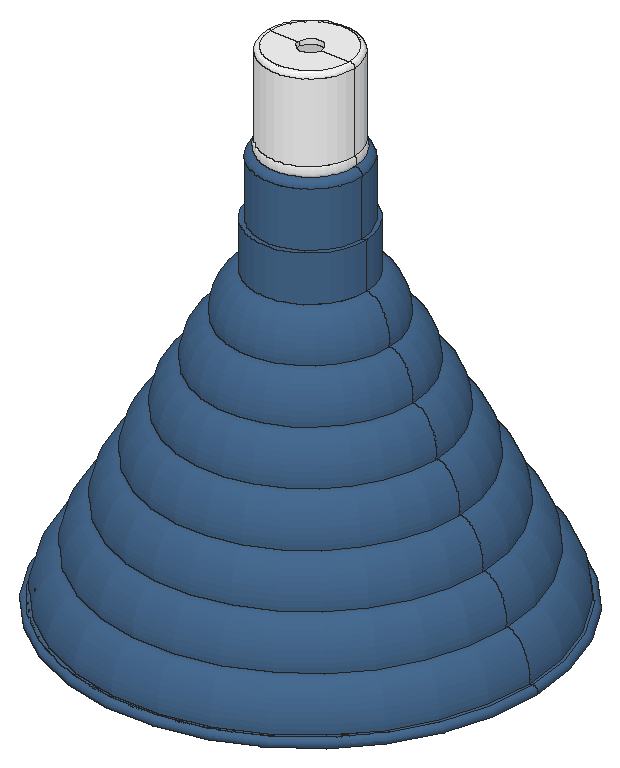
Revit family "FWB10 SHADE", category Lighting Fixtures, Revit 2024
Family settings
  Round Connector Dimension = Use Diameter
  Part Type = Normal
  OmniClass Number = 23.80.70.00
  OmniClass Title = Lighting
  Work Plane-Based = No
  Always vertical = Yes
  Cut with Voids When Loaded = No
  Light Source = Yes
  Maintain Annotation Orientation = No
  Shared = No
  Room Calculation Point = No
Parameters
  Wattage = 12.1178 W
  built-in parameter 1150110 = 1 (stored number, unit not read)
  built-in parameter 1114217 = 1 (stored number, unit not read)
  built-in parameter 1150109 = 1 (stored number, unit not read)
  built-in parameter 1150134 = (empty or 0)
  built-in parameter 1150113 = 1 (stored number, unit not read)
  Lumens = 1800 lm
  built-in parameter 1150115 = 1 (stored number, unit not read)
  built-in parameter 1150105 = 572.96 (stored number, unit not read)
  Light Source Symbol Size = 2' - 0"
  built-in parameter 1150137 = (empty or 0)
  built-in parameter 1150139 = (empty or 0)
  built-in parameter 1150112 = 1 (stored number, unit not read)
  built-in parameter 1150114 = 1 (stored number, unit not read)
  built-in parameter 1150132 = 2
  built-in parameter 1150102 = (empty or 0)
  built-in parameter 1150138 = (empty or 0)
  built-in parameter 1150107 = 3000 (stored number, unit not read)
  built-in parameter 1150106 = 5.7296 (stored number, unit not read)
  built-in parameter 1150104 = 13.8 (stored number, unit not read)
  Dimming Lamp Color Temperature Shift = (empty or 0)
  Default Elevation = 0' - 0"
  Color Filter = 16777215
  built-in parameter 1114218 = 1 (stored number, unit not read)
  built-in parameter 1150133 = 10 (stored number, unit not read)
Reference planes (in)
  plane 1 "Light Source Axis (F/B)": y = 0
  plane 2: z = 0
  plane 3 "Light Source Axis (L/R)": x = 0
  plane 4 "Light Source Elevation": z = 84
Forms (in)
  Revolve 1, solid
    sketch origin (0, 0, 0) x (1, 0, 0) y (0, 0, 1)
      loop
        line (-0.25, 94.98112) -> (-0.865, 94.98112)
        arc (-0.865, 94.98112) -> (-0.93571, 94.95183) -> (-0.965, 94.88112) r 0.1
        line (-0.965, 94.88112) -> (-0.965, 93.16877)
        spline (-0.965, 93.16877) -> (-0.97118, 93.16543) -> (-0.97695, 93.15562) -> (-0.98192, 93.14001) -> (-0.98576, 93.11963) -> (-0.98821, 93.09585) -> (-0.98911, 93.07026) -> (-0.9884, 93.04458) -> (-0.98612, 93.0205) -> (-0.98243, 92.99966) -> (-0.97757, 92.98344) -> (-0.97187, 92.97292) -> (-0.96572, 92.96882)
        arc (-0.96572, 92.96882) -> (-1.07745, 92.92844) -> (-1.125, 92.81957) r 0.15037
        line (-1.125, 92.81957) -> (-1.125, 91.61877) -> (-1.225, 91.61877) -> (-1.225, 90.62118)
        spline (-1.225, 90.62118) -> (-1.28547, 90.62267) -> (-1.35042, 90.60197) -> (-1.41726, 90.55991) -> (-1.48332, 90.49818) -> (-1.54596, 90.41923) -> (-1.60268, 90.32623) -> (-1.65121, 90.2229) -> (-1.68961, 90.11335) -> (-1.71634, 90.00197) -> (-1.73034, 89.89321) -> (-1.73105, 89.79142) -> (-1.71844, 89.70066)
        spline (-1.71844, 89.70066) -> (-1.77863, 89.70852) -> (-1.84423, 89.69303) -> (-1.91248, 89.65486) -> (-1.98052, 89.5956) -> (-2.0455, 89.51772) -> (-2.10469, 89.42451) -> (-2.15562, 89.31985) -> (-2.19616, 89.20815) -> (-2.22459, 89.09407) -> (-2.23974, 88.9824) -> (-2.24096, 88.87783) -> (-2.22821, 88.78473)
        spline (-2.22821, 88.78473) -> (-2.2884, 88.79259) -> (-2.354, 88.7771) -> (-2.42225, 88.73893) -> (-2.49029, 88.67966) -> (-2.55526, 88.60179) -> (-2.61446, 88.50857) -> (-2.66539, 88.40392) -> (-2.70592, 88.29221) -> (-2.73436, 88.17814) -> (-2.74951, 88.06647) -> (-2.75073, 87.9619) -> (-2.73798, 87.8688)
        spline (-2.73798, 87.8688) -> (-2.79817, 87.87665) -> (-2.86377, 87.86117) -> (-2.93202, 87.823) -> (-3.00005, 87.76373) -> (-3.06503, 87.68586) -> (-3.12423, 87.59264) -> (-3.17516, 87.48799) -> (-3.21569, 87.37628) -> (-3.24413, 87.26221) -> (-3.25928, 87.15054) -> (-3.2605, 87.04597) -> (-3.24775, 86.95286)
        spline (-3.24775, 86.95286) -> (-3.30794, 86.96072) -> (-3.37354, 86.94524) -> (-3.44179, 86.90706) -> (-3.50982, 86.8478) -> (-3.5748, 86.76993) -> (-3.634, 86.67671) -> (-3.68493, 86.57206) -> (-3.72546, 86.46035) -> (-3.7539, 86.34627) -> (-3.76904, 86.23461) -> (-3.77027, 86.13003) -> (-3.75752, 86.03693)
        spline (-3.75752, 86.03693) -> (-3.81771, 86.04479) -> (-3.88331, 86.02931) -> (-3.95155, 85.99113) -> (-4.01959, 85.93187) -> (-4.08457, 85.85399) -> (-4.14377, 85.76078) -> (-4.1947, 85.65612) -> (-4.23523, 85.54442) -> (-4.26367, 85.43034) -> (-4.27881, 85.31868) -> (-4.28004, 85.2141) -> (-4.26728, 85.121)
        spline (-4.26728, 85.121) -> (-4.32748, 85.12886) -> (-4.39308, 85.11337) -> (-4.46132, 85.0752) -> (-4.52936, 85.01594) -> (-4.59434, 84.93806) -> (-4.65354, 84.84485) -> (-4.70447, 84.74019) -> (-4.745, 84.62849) -> (-4.77344, 84.51441) -> (-4.78858, 84.40274) -> (-4.78981, 84.29817) -> (-4.77705, 84.20507)
        line (-4.77705, 84.20507) -> (-4.84714, 84.20507)
        arc (-4.84714, 84.20507) -> (-4.94967, 84.10253) -> (-4.84714, 84) r 0.10253
        line (-4.84714, 84) -> (-4.67631, 84) -> (-4.68565, 84.2259)
        spline (-4.68565, 84.2259) -> (-4.6961, 84.30365) -> (-4.6951, 84.39567) -> (-4.68137, 84.49663) -> (-4.65534, 84.6011) -> (-4.61809, 84.70368) -> (-4.57162, 84.79925) -> (-4.51841, 84.88294) -> (-4.46207, 84.95066) -> (-4.4068, 84.99894) -> (-4.35819, 85.02636) -> (-4.32181, 85.03528) -> (-4.29781, 85.03236)
        line (-4.29781, 85.03236) -> (-4.17588, 85.14184)
        spline (-4.17588, 85.14184) -> (-4.18633, 85.21959) -> (-4.18533, 85.3116) -> (-4.1716, 85.41256) -> (-4.14557, 85.51703) -> (-4.10832, 85.61962) -> (-4.06185, 85.71519) -> (-4.00864, 85.79887) -> (-3.9523, 85.86659) -> (-3.89703, 85.91487) -> (-3.84842, 85.94229) -> (-3.81204, 85.95121) -> (-3.78804, 85.94829)
        line (-3.78804, 85.94829) -> (-3.66611, 86.05777)
        spline (-3.66611, 86.05777) -> (-3.67656, 86.13552) -> (-3.67556, 86.22753) -> (-3.66183, 86.32849) -> (-3.6358, 86.43296) -> (-3.59856, 86.53555) -> (-3.55208, 86.63112) -> (-3.49887, 86.7148) -> (-3.44253, 86.78253) -> (-3.38726, 86.8308) -> (-3.33865, 86.85822) -> (-3.30227, 86.86714) -> (-3.27827, 86.86422)
        line (-3.27827, 86.86422) -> (-3.15634, 86.9737)
        spline (-3.15634, 86.9737) -> (-3.1668, 87.05145) -> (-3.16579, 87.14346) -> (-3.15206, 87.24442) -> (-3.12603, 87.34889) -> (-3.08879, 87.45148) -> (-3.04231, 87.54705) -> (-2.9891, 87.63073) -> (-2.93276, 87.69846) -> (-2.87749, 87.74673) -> (-2.82888, 87.77415) -> (-2.7925, 87.78307) -> (-2.7685, 87.78015)
        line (-2.7685, 87.78015) -> (-2.64657, 87.88963)
        spline (-2.64657, 87.88963) -> (-2.65703, 87.96738) -> (-2.65602, 88.0594) -> (-2.64229, 88.16035) -> (-2.61626, 88.26483) -> (-2.57902, 88.36741) -> (-2.53254, 88.46298) -> (-2.47933, 88.54666) -> (-2.42299, 88.61439) -> (-2.36772, 88.66267) -> (-2.31912, 88.69008) -> (-2.28273, 88.69901) -> (-2.25873, 88.69609)
        line (-2.25873, 88.69609) -> (-2.1368, 88.80557)
        spline (-2.1368, 88.80557) -> (-2.14726, 88.88332) -> (-2.14625, 88.97533) -> (-2.13252, 89.07629) -> (-2.10649, 89.18076) -> (-2.06925, 89.28335) -> (-2.02277, 89.37891) -> (-1.96956, 89.4626) -> (-1.91322, 89.53032) -> (-1.85795, 89.5786) -> (-1.80935, 89.60602) -> (-1.77296, 89.61494) -> (-1.74896, 89.61202)
        line (-1.74896, 89.61202) -> (-1.62703, 89.7215)
        spline (-1.62703, 89.7215) -> (-1.63738, 89.79723) -> (-1.63682, 89.88668) -> (-1.62414, 89.9849) -> (-1.59968, 90.08684) -> (-1.56439, 90.18745) -> (-1.52005, 90.28194) -> (-1.4689, 90.36572) -> (-1.41415, 90.43489) -> (-1.35956, 90.48602) -> (-1.31011, 90.51732) -> (-1.27127, 90.53) -> (-1.24515, 90.52962)
        line (-1.24515, 90.52962) -> (-1.13125, 90.62118) -> (-1.13125, 91.52502) -> (-1.03125, 91.52502) -> (-1.03125, 92.81924)
        arc (-1.03125, 92.81924) -> (-1.01327, 92.8601) -> (-0.97128, 92.87523) r 0.05662
        line (-0.97128, 92.87523) -> (-0.87125, 93.16877) -> (-0.87125, 94.88737) -> (-0.25, 94.88737) -> (-0.25, 94.98112)
      axis (0, 94.98112) -> (0, 84)
    angle from 0 to 360
Dimensions and locks (in)
  aligned and locked: plane 3 "Light Source Axis (L/R)" to imposter light
  aligned and locked: plane 1 "Light Source Axis (F/B)" to imposter light
  aligned and locked: plane 4 "Light Source Elevation" to imposter light
  aligned and locked: level to plane 2
